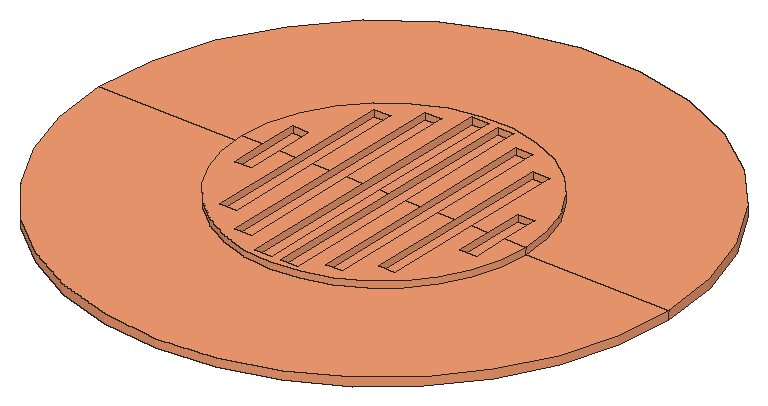
Revit family "Drain_Floor-Jay R.Smith-Round-Type-DX2565_Series", category Plumbing Fixtures, Revit 2019
Family settings
  Round Connector Dimension = Use Radius
  Part Type = Normal
  OmniClass Number = 23.70.50.21.24
  OmniClass Title = Waste Water Drains
  Work Plane-Based = Yes
  Always vertical = Yes
  Cut with Voids When Loaded = No
  Shared = No
  Room Calculation Point = No
Parameters (values of type "DX2565T 02")
  Waste Connection = yes
  Vent Connection = no
  URL = "http://www.jrsmith.com"
  UDC - Underdeck Clamp = no
  U - Vandal Proof Grate = no
  Type Comments = ""
  Strainer Diameter = 8 1/2"
  SH - Securing Holes = no
  Quad Close Trap Seal = no
  Product Page URL = "https://www.jrsmith.com/floor-drains-dx2565"
  Product Documentation Link = "https://www.jrsmith.com/uploads/fileLibrary/ddx2565.pdf"
  PB - Polished Bronze Top = no
  Outlet Connection Description = "2\" Threaded Outlet Connection"
  NO-HUB Adaptor = no
  NB - Nickel Bronze Top = no
  Model = "DX2565T 02"
  Membrane Clamp (Specify Fig. DX2565R or DX 2566R) = no
  Material = "Cast Iron-Jay R Smith-Duco Coated"
  Manufacturer = "Jay R. Smith "  # constant formula
  Load Rating = "'Light Duty having a Safe Live (Static) Load less than 2,000 lbs. (900 kg) per ASME A112.6.3 Floor Drain Standard."  # constant formula
  Body Height = 3 1/2"
  Height 1 = 2"
  Height = Body Height + Top Height  # 3 11/16"
  HW Connection = no
  G - Galvanized Cast Iron = no
  Finish = Cast Iron-Jay R Smith-Duco Coated
  Diameter = 17"
  Description = "Wide Flange Floor Drains Safe-Set® Bucket"  # constant formula
  Default Elevation = 0"
  Creation Date = "06/27/2023"  # constant formula
  Connection Size = 2"
  Connection Radius = Connection Size / 2  # 1"
  CW Connection = no
  Assembly Code = "D2030300"
  Top Height = 3/16"
Types (6): name | Outlet Connection Description | Model | Body Height | Height | Connection Size | Connection Radius
  DX2565C 02 | "2\" Caulk Outlet Connection" | "DX2565C 02" | 4 1/2" | 4 11/16" | 2" | 1"
  DX2565C 03 | "3\" Caulk Outlet Connection" | "DX2565C 03" | 4 1/2" | 4 11/16" | 3" | 1 1/2"
  DX2565C 04 | "4\" Caulk Outlet Connection" | "DX2565C 04" | 4 1/2" | 4 11/16" | 4" | 2"
  DX2565T 02 | "2\" Threaded Outlet Connection" | "DX2565T 02" | 3 1/2" | 3 11/16" | 2" | 1"
  DX2565T 03 | "3\" Threaded Outlet Connection" | "DX2565T 03" | 3 1/2" | 3 11/16" | 3" | 1 1/2"
  DX2565T 04 | "4\" Threaded Outlet Connection" | "DX2565T 04" | 3 1/2" | 3 11/16" | 4" | 2"
Reference planes (in)
  plane 1 "Center (Front/Back)": y = 0
  plane 2: z = 0
  plane 3 "Center (Left/Right)": x = -0.54782
  plane 4: x = -9.04782
  plane 5: x = 7.95218
  plane 6: x = -4.79782
  plane 7: x = 3.70218
  plane 8: z = -3.6875
  plane 9: z = -3.6875
  plane 10: z = -0.1875
Forms (in)
  Revolve 1, solid, material "Cast Iron-Jay R Smith-Duco Coated" <- "Finish"
    sketch origin (0, 0, 0) x (1, 0, 0) y (0, 0, 1)
      loop
        line (3.70218, -0.4375) -> (7.95218, -0.4375) -> (7.95218, -0.1875) -> (3.70218, -0.1875) -> (3.70218, 0) -> (-0.54782, 0) -> (-0.54782, -2.74926) -> (1.836, -2.74926)
        arc (1.836, -2.74926) -> (1.97027, -2.69365) -> (2.02588, -2.55938) r 0.18988
        line (2.02588, -2.55938) -> (2.02588, -2.35653)
        arc (2.02588, -2.35653) -> (2.05137, -2.295) -> (2.11289, -2.26952) r 0.08701
        line (2.11289, -2.26952) -> (2.68305, -2.26952) -> (2.95257, -2) -> (3.29242, -2)
        arc (3.29242, -2) -> (3.58217, -1.87998) -> (3.70218, -1.59024) r 0.40976
        line (3.70218, -1.59024) -> (3.70218, -0.4375)
      axis (-0.54782, 0) -> (-0.54782, -2.74926)
    angle from 0 to 360
  Revolve 2, solid, material "Cast Iron-Jay R Smith-Duco Coated" <- "Finish"
    sketch origin (0, 0, 0) x (1, 0, 0) y (0, 0, 1)
      loop
        line (-0.54782, -0.4375) -> (-0.54782, -3.6875) -> (0.45218, -3.6875) -> (0.45218, -0.4375) -> (-0.54782, -0.4375)
      axis (-0.54782, -0.4375) -> (-0.54782, -3.6875)
    angle from 0 to 360
  Extrusion 3, void
    sketch origin (0, 0, 0) x (1, 0, 0) y (0, 1, 0)
      loop
        line (-3.16178, 2.90751) -> (-3.16178, -2.84249) -> (-2.66178, -2.84249) -> (-2.66178, 2.90751) -> (-3.16178, 2.90751)
      loop
        line (-4.16178, 1.11019) -> (-4.16178, -1.04518) -> (-3.66178, -1.04518) -> (-3.66178, 1.11019) -> (-4.16178, 1.11019)
      loop
        line (-2.16178, 3.54324) -> (-2.16178, -3.54324) -> (-1.66178, -3.54324) -> (-1.66178, 3.54324) -> (-2.16178, 3.54324)
      loop
        line (-1.16178, 4.04324) -> (-1.16178, -4.04324) -> (-0.66178, -4.04324) -> (-0.66178, 4.04324) -> (-1.16178, 4.04324)
      loop
        line (2.06615, 2.90751) -> (1.56615, 2.90751) -> (1.56615, -2.84249) -> (2.06615, -2.84249) -> (2.06615, 2.90751)
      loop
        line (3.06615, 1.11019) -> (2.56615, 1.11019) -> (2.56615, -1.04518) -> (3.06615, -1.04518) -> (3.06615, 1.11019)
      loop
        line (1.06615, 3.54324) -> (0.56615, 3.54324) -> (0.56615, -3.54324) -> (1.06615, -3.54324) -> (1.06615, 3.54324)
      loop
        line (0.11004, 4.04324) -> (-0.38996, 4.04324) -> (-0.38996, -4.04324) -> (0.11004, -4.04324) -> (0.11004, 4.04324)
    from -0.1875 to 0
Cuts and joins
  Extrusion 3 cuts Revolve 1
Dimensions and locks (in)
  "Connection Radius": Revolve 2 sketch curve to Revolve 2 sketch curve
  equal spacing: plane 5, plane 3 "Center (Left/Right)", plane 4
  "Diameter": plane 5 to plane 4
  equal spacing: plane 7, plane 3 "Center (Left/Right)", plane 6
  "Strainer Diameter": plane 7 to plane 6
  "Top Height": level to plane 10
  plane 10 to plane 8 = 3 1/2"
  "Body Height": plane 10 to plane 9
  locked: Revolve 1 sketch curve to Revolve 1 sketch curve at 0.25
  Revolve 1 sketch curve to Revolve 1 sketch curve to Revolve 1 sketch curve to Revolve 1 sketch curve = 69/256" locked, 0.28986" locked, 0.18988" locked
  "Height 1": level to Revolve 1 sketch curve
  cut or joined group of Revolve 1, Extrusion 3 to cut or joined group of Revolve 1, Extrusion 3 to cut or joined group of Revolve 1, Extrusion 3 to cut or joined group of Revolve 1, Extrusion 3 to cut or joined group of Revolve 1, Extrusion 3 to cut or joined group of Revolve 1, Extrusion 3 to cut or joined group of Revolve 1, Extrusion 3 to cut or joined group of Revolve 1, Extrusion 3 to cut or joined group of Revolve 1, Extrusion 3 to cut or joined group of Revolve 1, Extrusion 3 to cut or joined group of Revolve 1, Extrusion 3 to cut or joined group of Revolve 1, Extrusion 3 to cut or joined group of Revolve 1, Extrusion 3 to cut or joined group of Revolve 1, Extrusion 3 to cut or joined group of Revolve 1, Extrusion 3 to cut or joined group of Revolve 1, Extrusion 3 = 1/2" locked, 1/2" locked, 1/2" locked, 1/2" locked, 1/2" locked, 1/2" locked, 1/2" locked, 0.27182" locked, 1/2" locked, 0.45612" locked, 1/2" locked, 1/2" locked, 1/2" locked, 1/2" locked, 1/2" locked
  aligned and locked: Revolve 1 sketch curve to plane 3 "Center (Left/Right)"
  aligned and locked: level to Revolve 1 sketch curve
  aligned and locked: Revolve 2 sketch curve to plane 3 "Center (Left/Right)"
  aligned and locked: plane 3 "Center (Left/Right)" to Revolve 2 sketch curve
  aligned and locked: Revolve 1 sketch curve to plane 5
  aligned and locked: Revolve 1 sketch curve to plane 7
  aligned and locked: plane 9 to Revolve 2 sketch curve
  aligned and locked: plane 10 to Revolve 1 sketch curve
  aligned and locked: Extrusion 3 to Revolve 1
  aligned and locked: Revolve 1 to Extrusion 3
  aligned and locked: Revolve 2 sketch curve to cut or joined group of Revolve 1, Extrusion 3
Automatic sketch dimensions
  plane 6 to Extrusion 3 sketch curve = 0.63603"
  Extrusion 3 sketch curve to Extrusion 3 sketch curve = 1/2"  (x13)
  plane 6 to Extrusion 3 sketch curve = 1.63603"
  Extrusion 3 sketch curve to plane 3 "Center (Left/Right)" = 0.61397"
  Extrusion 3 sketch curve to plane 3 "Center (Left/Right)" = 0.11397"
  plane 3 "Center (Left/Right)" to Extrusion 3 sketch curve = 0.15785"
  Extrusion 3 sketch curve to Extrusion 3 sketch curve = 0.45612"
  plane 7 to Extrusion 3 sketch curve = 1.13603"
  plane 1 "Center (Front/Back)" to Extrusion 3 sketch curve = 4.04324"
  Extrusion 3 sketch curve to Extrusion 3 sketch curve = 0"
  Extrusion 3 sketch curve to Extrusion 3 sketch curve = 0.70075"  (x2)
  plane 1 "Center (Front/Back)" to Extrusion 3 sketch curve = 1.04518"  (x2)
  Extrusion 3 sketch curve to plane 1 "Center (Front/Back)" = 1.11019"  (x2)
  Extrusion 3 sketch curve to Extrusion 3 sketch curve = 1.79732"  (x2)
  Extrusion 3 sketch curve to Extrusion 3 sketch curve = 0.63574"  (x2)
  Revolve 1 sketch curve to plane 3 "Center (Left/Right)" = 0"
  plane 7 to Revolve 1 sketch curve = 0"
  plane 7 to Revolve 1 sketch curve = 1.86618"
  Revolve 1 sketch curve to Revolve 1 sketch curve = 0.08701"
  Revolve 1 sketch curve to Revolve 1 sketch curve = 0.57016"
  Revolve 1 sketch curve to Revolve 1 sketch curve = 69/256"
  Revolve 1 sketch curve to Revolve 1 sketch curve = 87/256"
  Revolve 1 sketch curve to plane 8 = 13 1/2"
  Revolve 1 sketch curve to Revolve 1 sketch curve = 1 3/4"
  Revolve 2 sketch curve to plane 8 = 3/4"
  level to Revolve 2 sketch curve = 1 3/4"
Connectors (in)
  piping at (-0.54782, 0, -3.6875), diameter 2, driven by "Connection Radius", driven by "Outlet Connection Description"
    settings: on Revolve 2, index 1, connector inside diameter 24", connector length 0", flow factor 0, pipe flow 0 GPM, pressure drop 0.00 psi, fitting loss kfactor 0, connector angle 0.00°, fixture units 0, engagement length 0", angle of deflection 0.00°, flow configuration 0, flow direction 2, fitting loss method 0, system type 16, joint type 0, gender type 0, connector reference index -1, connector utility 0, adjustable connector no, is connector primary yes, connector description "2\" Threaded Outlet Connection"
